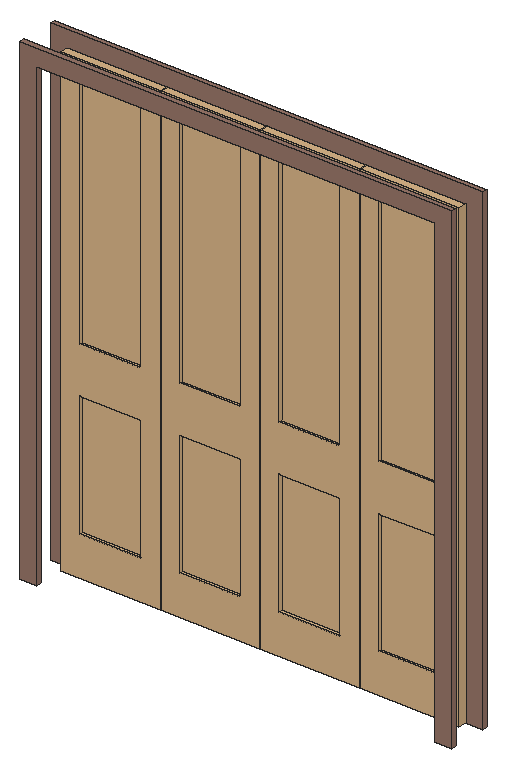
Revit family "M_Bifold-4 Panel", category Doors, host Wall, Revit 2014
Parameters (values of type "1830 x 2134mm")
  Visual Light Transmittance = 0
  Thickness = 44 mm
  Thermal Resistance (R) = 0.270117 (m²·K)/W
  Solar Heat Gain Coefficient = 0
  Construction Type Id = "MDOOR"
  Heat Transfer Coefficient (U) = 3.7021 W/(m²·K)
  Function = Interior
  Assembly Code = ""
  Description = ""
  Door Material = Door - Panel
  Frame Material = Door - Frame
  Height = 2134 mm
  Trim Width = 76 mm
  Wall Closure = By host
  Width = 1830 mm
  Analytic Construction = "Metal"
Types (4, lengths in mm): name | Height | Width
  1220 x 2134mm | 2134 | 1220
  1525 x 2134mm | 2134 | 1525
  1830 x 2134mm | 2134 | 1830
  1830 x 2032mm | 2032 | 1830
Reference planes
  plane 1: y = 0
  plane 2 "Center": x = 0
  plane 3 "Left": x = -915
  plane 4 "Right": x = 915
  plane 5 "Top": z = 2134
  plane 6: x = -457.5
  plane 7: x = 457.5
  plane 8: z = 1067
  plane 9: x = -508.3
  plane 10: x = -101.6
  plane 11: y = 76.2
  plane 12: x = 101.6
  plane 13: x = 508.3
  plane 14: y = 38.1
  plane 15: y = -101.6
  plane 16: y = -76.2
  plane 17: y = 101.6
  plane 18: z = 184.15
  plane 19: z = 2051.45
  plane 20: z = 749.3
  plane 21: z = 965.2
  plane 22: x = 826.1
  plane 23: x = 546.4
  plane 24: x = 88.9
  plane 25: x = 368.6
  plane 26: x = -88.9
  plane 27: x = -368.6
  plane 28: x = -546.4
  plane 29: x = -826.1
  plane 30: y = 63.5
  plane 31: y = 50.8
Forms (mm)
  Extrusion 1, solid, material "Door - Panel" <- "Door Material"
    sketch origin (-1524, 76.2, 0) x (-1, 0, 0) y (0, 0, 1)
      loop
        line (-2439, 0) -> (-1981.5, 0) -> (-1981.5, 2134) -> (-2439, 2134) -> (-2439, 0)
      loop
        line (-2350.1, 2051.45) -> (-2350.1, 965.2) -> (-2070.4, 965.2) -> (-2070.4, 2051.45) -> (-2350.1, 2051.45)
      loop
        line (-2350.1, 749.3) -> (-2350.1, 184.15) -> (-2070.4, 184.15) -> (-2070.4, 749.3) -> (-2350.1, 749.3)
    from 0 to -38.1
  Extrusion 2, solid, material "Door - Panel" <- "Door Material"
    sketch origin (-1524, 76.2, 0) x (-1, 0, 0) y (0, 0, 1)
      loop
        line (-1981.5, 0) -> (-1524, 0) -> (-1524, 2134) -> (-1981.5, 2134) -> (-1981.5, 0)
      loop
        line (-1892.6, 2051.45) -> (-1892.6, 965.2) -> (-1612.9, 965.2) -> (-1612.9, 2051.45) -> (-1892.6, 2051.45)
      loop
        line (-1892.6, 749.3) -> (-1892.6, 184.15) -> (-1612.9, 184.15) -> (-1612.9, 749.3) -> (-1892.6, 749.3)
    from 0 to -38.1
  Extrusion 3, solid, material "Door - Panel" <- "Door Material"
    sketch origin (-1524, 76.2, 0) x (-1, 0, 0) y (0, 0, 1)
      loop
        line (-1524, 0) -> (-1066.5, 0) -> (-1066.5, 2134) -> (-1524, 2134) -> (-1524, 0)
      loop
        line (-1435.1, 2051.45) -> (-1435.1, 965.2) -> (-1155.4, 965.2) -> (-1155.4, 2051.45) -> (-1435.1, 2051.45)
      loop
        line (-1435.1, 749.3) -> (-1435.1, 184.15) -> (-1155.4, 184.15) -> (-1155.4, 749.3) -> (-1435.1, 749.3)
    from 0 to -38.1
  Extrusion 4, solid, material "Door - Panel" <- "Door Material"
    sketch origin (-1524, 76.2, 0) x (-1, 0, 0) y (0, 0, 1)
      loop
        line (-1066.5, 0) -> (-609, 0) -> (-609, 2134) -> (-1066.5, 2134) -> (-1066.5, 0)
      loop
        line (-977.6, 2051.45) -> (-977.6, 965.2) -> (-697.9, 965.2) -> (-697.9, 2051.45) -> (-977.6, 2051.45)
      loop
        line (-977.6, 749.3) -> (-977.6, 184.15) -> (-697.9, 184.15) -> (-697.9, 749.3) -> (-977.6, 749.3)
    from 0 to -38.1
  Extrusion 5, solid, material "Door - Frame" <- "Frame Material"
    sketch origin (-1524, 76.2, 0) x (-1, 0, 0) y (0, 0, 1)
      loop
        line (-2515, 2210) -> (-2515, 0) -> (-2439, 0) -> (-2439, 2134) -> (-609, 2134) -> (-609, 0) -> (-533, 0) -> (-533, 2210) -> (-2515, 2210)
    from 0 to 25.4
  Extrusion 6, solid, material "Door - Frame" <- "Frame Material"
    sketch origin (-1524, -76.2, 0) x (-1, 0, 0) y (0, 0, -1)
      loop
        line (-2515, -2210) -> (-533, -2210) -> (-533, 0) -> (-609, 0) -> (-609, -2134) -> (-2439, -2134) -> (-2439, 0) -> (-2515, 0) -> (-2515, -2210)
    from 25.4 to 0
  Extrusion 7, solid, material "Door - Panel" <- "Door Material"
    sketch origin (-1524, 76.2, 0) x (-1, 0, 0) y (0, 0, 1)
      loop
        line (-2350.1, 2051.45) -> (-2350.1, 965.2) -> (-2070.4, 965.2) -> (-2070.4, 2051.45) -> (-2350.1, 2051.45)
      loop
        line (-2350.1, 749.3) -> (-2350.1, 184.15) -> (-2070.4, 184.15) -> (-2070.4, 749.3) -> (-2350.1, 749.3)
      loop
        line (-1892.6, 2051.45) -> (-1892.6, 965.2) -> (-1612.9, 965.2) -> (-1612.9, 2051.45) -> (-1892.6, 2051.45)
      loop
        line (-1892.6, 749.3) -> (-1892.6, 184.15) -> (-1612.9, 184.15) -> (-1612.9, 749.3) -> (-1892.6, 749.3)
      loop
        line (-1435.1, 749.3) -> (-1435.1, 184.15) -> (-1155.4, 184.15) -> (-1155.4, 749.3) -> (-1435.1, 749.3)
      loop
        line (-1155.4, 2051.45) -> (-1435.1, 2051.45) -> (-1435.1, 965.2) -> (-1155.4, 965.2) -> (-1155.4, 2051.45)
      loop
        line (-697.9, 2051.45) -> (-977.6, 2051.45) -> (-977.6, 965.2) -> (-697.9, 965.2) -> (-697.9, 2051.45)
      loop
        line (-697.9, 749.3) -> (-977.6, 749.3) -> (-977.6, 184.15) -> (-697.9, 184.15) -> (-697.9, 749.3)
    from -25.4 to -12.7
Lines and regions (mm)
  Opening 1
    outline origin (-2286, -76.2, 0) x (1, 0, 0) y (0, 0, 1)
      loop
        line (1371, 0) -> (3201, 0) -> (3201, 2134) -> (1371, 2134) -> (1371, 0)
  symbolic lines, style "InvisibleLines", detail levels coarse
    curve 1: line (-915, 76.2, 0) -> (-508.3, 289.287, 0)
    curve 2: line (-508.3, 289.287, 0) -> (-101.6, 76.2, 0)
    curve 11: line (508.407, 289.287, 0) -> (912.726, 77.447, 0)
    curve 15: line (508.193, 289.287, 0) -> (101.493, 76.2, 0)
  symbolic lines, style "DoorsPanelProjection"
    curve 3: line (-914.893, 76.002, 0) -> (-528.737, 321.442, 0)
    curve 4: line (-894.456, 43.847, 0) -> (-914.893, 76.002, 0)
    curve 5: line (-508.3, 289.287, 0) -> (-894.456, 43.847, 0)
    curve 6: line (-528.737, 321.442, 0) -> (-508.3, 289.287, 0)
    curve 7: line (-101.707, 76.002, 0) -> (-487.863, 321.442, 0)
    curve 8: line (-122.144, 43.847, 0) -> (-101.707, 76.002, 0)
    curve 9: line (-508.3, 289.287, 0) -> (-122.144, 43.847, 0)
    curve 10: line (-487.863, 321.442, 0) -> (-508.3, 289.287, 0)
    curve 12: line (912.726, 77.447, 0) -> (528.844, 321.442, 0)
    curve 13: line (508.407, 289.287, 0) -> (894.563, 43.847, 0)
    curve 14: line (528.844, 321.442, 0) -> (508.407, 289.287, 0)
    curve 16: line (101.6, 76.002, 0) -> (487.756, 321.442, 0)
    curve 17: line (122.037, 43.847, 0) -> (101.6, 76.002, 0)
    curve 18: line (508.193, 289.287, 0) -> (122.037, 43.847, 0)
    curve 19: line (487.756, 321.442, 0) -> (508.193, 289.287, 0)
    curve 20: line (894.563, 43.847, 0) -> (912.726, 77.447, 0)
  symbolic lines, style "Elevation Swing"
    curve 21: line (0, 0, 2134) -> (-457.5, 0, 1067)
    curve 22: line (-457.5, 0, 1067) -> (0, 0, 0)
    curve 23: line (0, 0, 0) -> (457.5, 0, 1067)
    curve 24: line (0, 0, 2134) -> (457.5, 0, 1067)
    curve 25: line (-457.5, 0, 2134) -> (-915, 0, 1067)
    curve 26: line (-457.5, 0, 0) -> (-915, 0, 1067)
    curve 27: line (457.5, 0, 2134) -> (915, 0, 1067)
    curve 28: line (457.5, 0, 0) -> (915, 0, 1067)
Text (mm)
  text "Exterior" at (-1490.41, 656.754, 0), in view "Floor Line"
  text "Interior" at (-1482.03, -412.535, 0), in view "Floor Line"
  text "Exterior" at (0, 1019.848, 3124.603), in view "Right"
  text "Interior" at (0, -1635.541, 3124.603), in view "Right"
  text "Interior" at (0, -787.806, 3124.376), in view "Left"
  text "Exterior" at (0, 1386.095, 3124.376), in view "Left"
Dimensions and locks
  "Height": host wall to plane 5 "Top"
  "Trim Width": Extrusion 5 sketch curve to Extrusion 1
  "Trim Width": Extrusion 5 sketch curve to Extrusion 5 sketch curve
  "Trim Width": Extrusion 5 sketch curve to Extrusion 4
  "Trim Width": Extrusion 6 sketch curve to Extrusion 6 sketch curve
  locked: plane 10 to plane 2 "Center" at 101.6
  locked: plane 2 "Center" to plane 12 at 101.6
  "Width": plane 3 "Left" to plane 4 "Right"
  locked: plane 15 to host wall at 25.4
  locked: plane 14 to plane 11 at 38.1
  locked: plane 17 to plane 11 at 25.4
  "Trim Width": plane 4 "Right" to Extrusion 6 sketch curve
  "Trim Width": plane 3 "Left" to Extrusion 6 sketch curve
  equal spacing: plane 3 "Left", plane 9, plane 10
  equal spacing: plane 12, plane 13, plane 4 "Right"
  equal spacing: plane 3 "Left", plane 6, plane 2 "Center", plane 7, plane 4 "Right"
  level to plane 18 to plane 20 to plane 21 = 184.15 mm, 565.15 mm, 215.9 mm
  plane 19 to plane 5 "Top" = 82.55 mm
  plane 4 "Right" to plane 22 = 88.9 mm
  plane 23 to plane 7 = 88.9 mm
  plane 7 to plane 25 = 88.9 mm
  plane 24 to plane 2 "Center" = 88.9 mm
  plane 2 "Center" to plane 26 = 88.9 mm
  plane 27 to plane 6 = 88.9 mm
  plane 6 to plane 28 = 88.9 mm
  plane 29 to plane 3 "Left" = 88.9 mm
  locked: plane 11 to host wall at 0
  plane 14 to plane 31 to plane 30 to Extrusion 4 = 12.7 mm, 12.7 mm, 12.7 mm
  equal spacing: level, plane 8, plane 5 "Top"
  aligned and locked: plane 3 "Left" to Opening 1 sketch curve
  aligned and locked: plane 5 "Top" to Opening 1 sketch curve  (x2)
  aligned and locked: Opening 1 sketch curve to plane 4 "Right"
  aligned and locked: Opening 1 sketch curve to level
  aligned and locked: Extrusion 5 sketch curve to plane 5 "Top"
  aligned and locked: Extrusion 5 sketch curve to host wall
  aligned and locked: plane 15 to Extrusion 6
  aligned and locked: Extrusion 6 to host wall
  aligned and locked: plane 16 to host wall
  aligned and locked: plane 17 to Extrusion 5
  aligned and locked: Extrusion 5 to host wall
  aligned and locked: Extrusion 7 sketch curve to Extrusion 1  (x3)
  aligned and locked: Extrusion 7 sketch curve to Extrusion 2  (x4)
  aligned and locked: Extrusion 7 sketch curve to Extrusion 3  (x4)
  aligned and locked: Extrusion 7 sketch curve to Extrusion 4  (x2)
  aligned and locked: Extrusion 7 to plane 30
  aligned and locked: plane 31 to Extrusion 7
  aligned and locked: Extrusion 4 to plane 14
  aligned and locked: plane 14 to Extrusion 3
  aligned and locked: plane 14 to Extrusion 2
  aligned and locked: plane 14 to Extrusion 1
Automatic sketch dimensions
  Extrusion 5 sketch curve to level = 0 mm  (x2)
  Extrusion 5 sketch curve to plane 3 "Left" = 0 mm
  Extrusion 6 sketch curve to level = 0 mm  (x2)
  Extrusion 6 sketch curve to plane 4 "Right" = 0 mm
  Extrusion 6 sketch curve to plane 3 "Left" = 0 mm
  Extrusion 6 sketch curve to plane 5 "Top" = 0 mm
  Extrusion 1 sketch curve to level = 0 mm
  Extrusion 1 sketch curve to plane 4 "Right" = 0 mm
  Extrusion 1 sketch curve to plane 20 = 0 mm
  Extrusion 1 sketch curve to plane 22 = 0 mm  (x2)
  Extrusion 1 sketch curve to plane 18 = 0 mm
  Extrusion 1 sketch curve to plane 19 = 0 mm
  Extrusion 1 sketch curve to plane 23 = 0 mm  (x2)
  Extrusion 1 sketch curve to plane 7 = 0 mm
  Extrusion 1 sketch curve to plane 21 = 0 mm
  Extrusion 1 sketch curve to plane 5 "Top" = 0 mm
  Extrusion 2 sketch curve to level = 0 mm
  Extrusion 2 sketch curve to plane 7 = 0 mm
  Extrusion 2 sketch curve to plane 2 "Center" = 0 mm
  Extrusion 2 sketch curve to plane 5 "Top" = 0 mm
  Extrusion 3 sketch curve to level = 0 mm
  Extrusion 3 sketch curve to plane 2 "Center" = 0 mm
  Extrusion 3 sketch curve to plane 6 = 0 mm
  Extrusion 3 sketch curve to plane 5 "Top" = 0 mm
  Extrusion 4 sketch curve to level = 0 mm
  Extrusion 4 sketch curve to plane 6 = 0 mm
  Extrusion 4 sketch curve to plane 21 = 0 mm
  Extrusion 4 sketch curve to plane 28 = 0 mm  (x2)
  Extrusion 4 sketch curve to plane 19 = 0 mm
  Extrusion 4 sketch curve to plane 29 = 0 mm  (x2)
  Extrusion 4 sketch curve to plane 3 "Left" = 0 mm
  Extrusion 4 sketch curve to plane 5 "Top" = 0 mm
  Extrusion 7 sketch curve to plane 18 = 0 mm  (x4)
  Extrusion 7 sketch curve to plane 28 = 0 mm  (x2)
  Extrusion 7 sketch curve to plane 29 = 0 mm  (x2)
  Extrusion 7 sketch curve to plane 20 = 0 mm  (x4)
  Extrusion 2 sketch curve to plane 18 = 0 mm
  Extrusion 2 sketch curve to plane 25 = 0 mm  (x2)
  Extrusion 2 sketch curve to plane 20 = 0 mm
  Extrusion 2 sketch curve to plane 24 = 0 mm  (x2)
  Extrusion 2 sketch curve to plane 21 = 0 mm
  Extrusion 3 sketch curve to plane 18 = 0 mm
  Extrusion 3 sketch curve to plane 26 = 0 mm  (x2)
  Extrusion 3 sketch curve to plane 20 = 0 mm
  Extrusion 3 sketch curve to plane 27 = 0 mm  (x2)
  Extrusion 3 sketch curve to plane 21 = 0 mm
  Extrusion 4 sketch curve to plane 18 = 0 mm
  Extrusion 4 sketch curve to plane 20 = 0 mm
  Extrusion 7 sketch curve to plane 19 = 0 mm
  Extrusion 7 sketch curve to plane 22 = 0 mm
  Extrusion 7 sketch curve to plane 21 = 0 mm
  Extrusion 2 sketch curve to plane 19 = 0 mm
  Extrusion 7 sketch curve to plane 25 = 0 mm
  Extrusion 7 sketch curve to plane 24 = 0 mm
  Extrusion 3 sketch curve to plane 19 = 0 mm
  Extrusion 7 sketch curve to plane 26 = 0 mm
  Extrusion 7 sketch curve to plane 27 = 0 mm
  curve 1 to host wall = 0 mm
  curve 1 to plane 3 "Left" = 0 mm
  curve 5 to plane 9 = 0 mm
  curve 2 to host wall = 0 mm
  curve 2 to plane 10 = 0 mm
  curve 15 to host wall = 0 mm
  curve 16 to plane 12 = 0 mm
  curve 4 to plane 3 "Left" = 0.107 mm
  curve 5 to plane 14 = 5.747 mm
  curve 5 to plane 3 "Left" = 20.544 mm
  curve 7 to plane 9 = 20.437 mm
  curve 9 to plane 14 = 5.747 mm
  plane 10 to curve 9 = 20.544 mm
  plane 12 to curve 15 = 0.107 mm
  curve 18 to plane 14 = 5.747 mm
  curve 18 to plane 12 = 20.437 mm
  plane 13 to curve 19 = 20.544 mm
  curve 13 to plane 13 = 0.107 mm
  curve 12 to plane 23 = 17.556 mm
  curve 20 to plane 14 = 5.747 mm
  plane 4 "Right" to curve 20 = 20.437 mm
  curve 13 to plane 14 = 5.747 mm
  curve 13 to curve 20 = 0 mm
  host wall to curve 11 = 1.247 mm
  plane 4 "Right" to curve 11 = 2.274 mm
  curve 20 to curve 11 = 0 mm  (x2)
  curve 4 to host wall = 0.198 mm
  curve 16 to host wall = 0.198 mm
  curve 25 to plane 5 "Top" = 0 mm
  curve 21 to plane 2 "Center" = 0 mm
  curve 21 to plane 5 "Top" = 0 mm
  curve 27 to plane 5 "Top" = 0 mm
  curve 25 to plane 3 "Left" = 0 mm
  curve 25 to plane 8 = 0 mm
  curve 23 to plane 7 = 0 mm
  curve 23 to plane 8 = 0 mm
  curve 21 to plane 6 = 0 mm
  curve 21 to plane 8 = 0 mm
  curve 27 to plane 4 "Right" = 0 mm
  curve 28 to plane 8 = 0 mm
  curve 22 to level = 0 mm
  curve 28 to level = 0 mm
  curve 26 to level = 0 mm
  curve 25 to plane 6 = 0 mm
  curve 26 to plane 6 = 0 mm
  curve 22 to plane 2 "Center" = 0 mm
  curve 27 to plane 7 = 0 mm
  curve 28 to plane 7 = 0 mm
